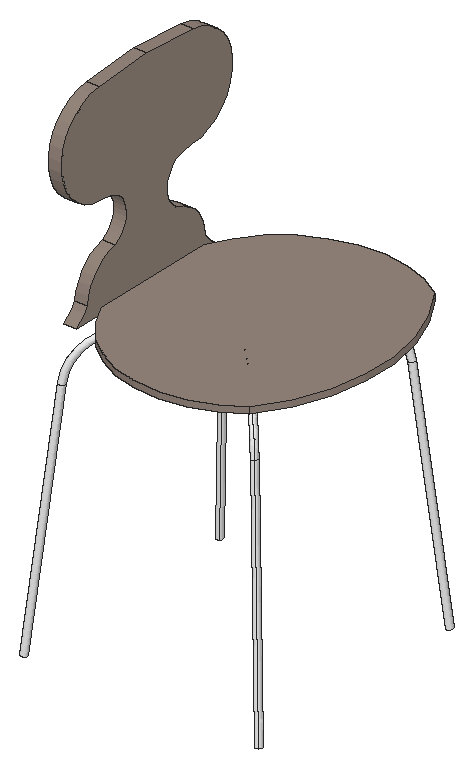
Revit family "Chair 2", category Furniture, Revit 2026
Family settings
  Work Plane-Based = No
  Enable Cutting in Views = No
  Always vertical = Yes
  Cut with Voids When Loaded = No
  Render Appearance Source = Family Geometry
  Shared = No
  Room Calculation Point = No
Parameters (values of type "Type 2A")
  Type Comments = "J"
  Keynote = "D"
  Manufacturer = ""
  Default Elevation = 0 mm
  Bracket Material = Herman Miller - Finish 47 Trivalent Chrome
  Model = ""
  Cushion/Chair Back Material = Herman Miller - Veneer Z5 Maple
  BG_DIM_Width1 [instance] = 1600 mm
  BG_DIM_Height1 [instance] = 1000 mm
  BG_DIM_Depth1 [instance] = 400 mm
  Assembly Code = "Ase2"
Reference planes
  plane 1 "Center F/B": y = -198.997
  plane 2: z = 0
  plane 3 "Center L/R": x = -1.022
Forms (mm)
  Sweep 1, solid, material "Herman Miller - Finish 47 Trivalent Chrome" <- "Bracket Material"
    path origin (61.052, -65.204, 45) x (0, 0, -1) y (0.707107, -0.707107, 0)
      loop
        line (45, -82.843) -> (-332.364, -36.508)
        arc (-332.364, -36.508) -> (-382.531, -10.114) -> (-402.615, 42.895) r 80
        line (-402.615, 42.895) -> (-402.615, 181.322)
    profile origin (18.855, -23.007, 188.682) x (-0.701836, 0.701836, 0.121869) y (-0.707107, -0.707107, 0)
      loop
        circle (0, 0) r 5
  Sweep 2, solid, material "Herman Miller - Finish 47 Trivalent Chrome" <- "Bracket Material"
    path origin (57.516, -325.168, 45) x (0, 0, -1) y (0.707107, 0.707107, 0)
      loop
        line (45, -82.843) -> (-332.364, -36.508)
        arc (-332.364, -36.508) -> (-382.531, -10.114) -> (-402.615, 42.895) r 80
        line (-402.615, 42.895) -> (-402.615, 181.322)
    profile origin (15.319, -367.364, 188.682) x (-0.701836, -0.701836, 0.121869) y (0.707107, -0.707107, 0)
      loop
        circle (0, 0) r 5
  Sweep 3, solid, material "Herman Miller - Finish 47 Trivalent Chrome" <- "Bracket Material"
    path origin (303.338, -65.204, 45) x (0, 0, -1) y (0.707107, 0.707107, 0)
      loop
        line (45, 82.843) -> (-332.364, 36.508)
        arc (-332.364, 36.508) -> (-382.531, 10.114) -> (-402.615, -42.895) r 80
        line (-402.615, -42.895) -> (-402.615, -181.322)
    profile origin (345.535, -23.007, 188.682) x (0.701836, 0.701836, 0.121869) y (-0.707107, 0.707107, 0)
      loop
        circle (0, 0) r 5
  Sweep 4, solid, material "Herman Miller - Finish 47 Trivalent Chrome" <- "Bracket Material"
    path origin (306.873, -325.168, 45) x (0, 0, -1) y (0.707107, -0.707107, 0)
      loop
        line (45, 82.843) -> (-332.364, 36.508)
        arc (-332.364, 36.508) -> (-382.531, 10.114) -> (-402.615, -42.895) r 80
        line (-402.615, -42.895) -> (-402.615, -181.322)
    profile origin (349.07, -367.364, 188.682) x (0.701836, -0.701836, 0.121869) y (0.707107, 0.707107, 0)
      loop
        circle (0, 0) r 5
  Extrusion 5, solid, material "Herman Miller - Veneer Z5 Maple" <- "Cushion/Chair Back Material"
    sketch origin (0, 0, 0) x (1, 0, 0) y (0, 1, 0)
      loop
        arc (340, -9.099) -> (152.776, 17.913) -> (32.728, -128.274) r 192.616
        line (32.728, -128.274) -> (32.728, -249.923)
        arc (32.728, -249.923) -> (152.776, -396.11) -> (340, -369.099) r 192.616
        arc (340, -369.099) -> (400.673, -189.099) -> (340, -9.099) r 297.34
    from 450 to 460
  Extrusion 6, solid, material "Herman Miller - Veneer Z5 Maple" <- "Cushion/Chair Back Material"
    sketch origin (390, -409.099, -27.081) x (0, 0, -1) y (0, 1, 0)
      loop
        arc (-498.809, 95.839) -> (-486.21, 86.065) -> (-477.081, 72.99) r 53.087
        line (-477.081, 72.99) -> (-477.081, 347.212)
        arc (-477.081, 347.212) -> (-486.21, 334.138) -> (-498.809, 324.364) r 53.087
        arc (-498.809, 324.364) -> (-539.073, 308.301) -> (-561.143, 270.989) r 67.175
        arc (-561.143, 270.989) -> (-601.737, 249.17) -> (-634.197, 281.887) r 38.521
        line (-634.197, 281.887) -> (-636.604, 298.938)
        arc (-636.604, 298.938) -> (-714.694, 376.726) -> (-796.127, 302.444) r 79.872
        line (-796.127, 302.444) -> (-802.584, 210.101) -> (-796.127, 117.759)
        arc (-796.127, 117.759) -> (-714.694, 43.477) -> (-636.604, 121.265) r 79.872
        line (-636.604, 121.265) -> (-634.197, 138.316)
        arc (-634.197, 138.316) -> (-601.737, 171.033) -> (-561.143, 149.213) r 38.521
        arc (-561.143, 149.213) -> (-539.073, 111.901) -> (-498.809, 95.839) r 67.175
    from -367.272 to -347.272
Dimensions and locks
  aligned and locked: plane 1 "Center F/B" to Extrusion 6
